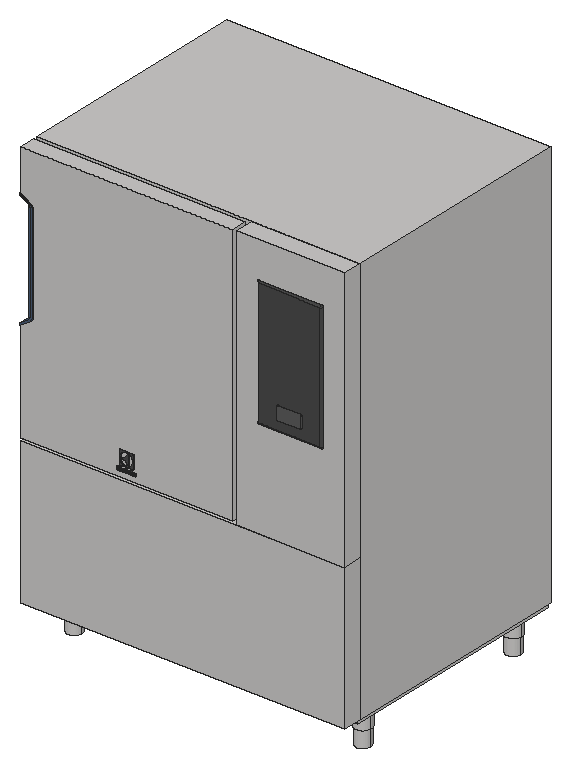
Revit family "QF_ELECTROLUXPROFESSIONAL_727908_EBFA12HE", category Specialty Equipment, Revit 2018
Family settings
  Round Connector Dimension = Use Diameter
  Part Type = Normal
  Work Plane-Based = No
  Always vertical = Yes
  Cut with Voids When Loaded = No
  Shared = No
  Room Calculation Point = No
Parameters
  Weight = 0.00 kg
  Watts = 0 W
  Volts = 380 V
  URL Manufacturer = "http://professional.electrolux.com"
  URL = "http://professional.electrolux.com"
  Steam Supply Size = 0 mm
  Steam Supply Minimum Pressure = 0.0 Pa
  Steam Supply Maximum Pressure = 0.0 Pa
  Steam Pounds per Hour = 0
  Show Logo [instance] = yes
  Show Clearance [instance] = yes
  Refrigeration Suction Line Size = 0 mm
  Refrigeration Liquid Line Size = 0 mm
  Refrigerant Compressor Remote = yes
  Manufacturer = "Electrolux"
  Phase = 3
  Model = "EBFA12HE"
  Length Actual = 1250 mm  # constant formula
  Item Number = "727908"
  Hot Water Size = 0 mm
  Height Actual = 1730 mm  # constant formula
  HP = "7.4 HP"
  Gas Size = 0 mm
  Gas KW = 0
  Gas Input Pressure = 0 W
  Direct Waste Size = 139.7 mm
  Description = "SKYLINE CHILLS BLAST CHILLER FREEZER 100/70KG 10 GN 2/1 - RIGHT HINDGED DOOR"
  Depth Actual = 1092 mm  # constant formula
  Cycle = 50 Hz
  Condensate Return Size = 0 mm
  Compressed Air Volume = 0.0 L/s
  Compressed Air Size = 0 mm
  Compressed Air Pressure = 0.0 Pa
  Cold Water Size = 0 mm
  Accessory = yes
Reference planes
  plane 1 "Center X": y = 205.851
  plane 2: z = 0
  plane 3 "Center Y": x = -311.5
  plane 4 "BACK": y = 703.851
  plane 5 "FRONT": y = -292.149
  plane 6: z = 130
  plane 7 "TOP": z = 1730
  plane 8: y = 608.851
  plane 9: y = 795.851
  plane 10: y = -1071.149
  plane 11 "RIGHT": x = 313.5
  plane 12 "LEFT": x = -936.5
  plane 13: x = -869.5
  plane 14: x = 246.5
  plane 15: y = -118.149
Forms (mm)
  Extrusion 1, solid, material "QF_Finishes_Stainless Steel"
    sketch origin (0, 0, 1730) x (-1, 0, 0) y (0, -1, 0)
      loop
        line (936.5, -703.851) -> (936.5, 216.149) -> (-313.5, 216.149) -> (-313.5, -703.851) -> (936.5, -703.851)
    from 0 to -1580
  Extrusion 2, solid, material "QF_Finishes_Stainless Steel"
    sketch origin (-645.92, -0.954, 258.709) x (0, 1, 0) y (0, 0, 1)
      loop
        line (704.805, 694.306) -> (704.805, 392.314) -> (789.5, 399.789)
        arc (789.5, 399.789) -> (794.702, 402.354) -> (796.805, 407.759) r 8
        line (796.805, 407.759) -> (796.805, 433.233)
        arc (796.805, 433.233) -> (792.783, 442.547) -> (796.805, 451.86) r 12.795
        line (796.805, 451.86) -> (796.805, 483.24)
        arc (796.805, 483.24) -> (792.783, 492.554) -> (796.805, 501.867) r 12.795
        line (796.805, 501.867) -> (796.805, 533.247)
        arc (796.805, 533.247) -> (792.783, 542.56) -> (796.805, 551.874) r 12.795
        line (796.805, 551.874) -> (796.805, 583.254)
        arc (796.805, 583.254) -> (792.783, 592.567) -> (796.805, 601.881) r 12.795
        line (796.805, 601.881) -> (796.805, 634.796)
        arc (796.805, 634.796) -> (795.466, 639.795) -> (791.808, 643.455) r 10
        line (791.808, 643.455) -> (704.805, 694.306)
    from 618.187 to 801.865
  Extrusion 3, solid, material "QF_Finishes_Stainless Steel"
    sketch origin (-261.647, 703.851, 2065) x (1, 0, 0) y (0, 0, -1)
      loop
        circle (482.147, 1472) r 10.5
    from 0 to 29
  Extrusion 4, solid, material "QF_Finishes_Stainless Steel"
    sketch origin (-1206.916, -1524, 130) x (-1, 0, 0) y (0, -1, 0)
      loop
        line (-270.416, -1231.851) -> (-1520.416, -1231.851) -> (-1520.416, -1306.851) -> (-270.416, -1306.851) -> (-270.416, -1231.851)
    from 580 to 20.02
  Extrusion 5, solid, material "QF_Finishes_Stainless Steel"
    sketch origin (-1206.916, -1524, 130) x (-1, 0, 0) y (0, -1, 0)
      loop
        line (-279.416, -2227.851) -> (-279.416, -1309.851) -> (-1511.416, -1309.851) -> (-1511.416, -2227.851) -> (-279.416, -2227.851)
    from 20 to 0
  Extrusion 6, solid, material "QF_Finishes_Stainless Steel"
    sketch origin (-1206.916, -1524, 130) x (0, -1, 0) y (-1, 0, 0)
      loop
        circle (-1739.851, -840.416) r 9.5
    from 0 to 31.68
  Extrusion 7, void
    sketch origin (114.08, 0, 1730) x (-1, 0, 0) y (0, -1, 0)
      loop
        line (132.09, -795.851) -> (141.813, -795.851) -> (141.813, -703.851) -> (140.183, -703.851) -> (132.09, -795.851)
      loop
        line (-40.234, -703.851) -> (-41.865, -703.851) -> (-41.865, -795.851) -> (-32.141, -795.851) -> (-40.234, -703.851)
    from -1080 to -770
  Extrusion 8, solid, material "QF_Finishes_Stainless Steel"
    sketch origin (-445.5, 0, 1060.038) x (1, 0, 0) y (0, 1, 0)
      loop
        line (759, -292.149) -> (759, -217.149) -> (342, -217.149) -> (342, -292.149) -> (759, -292.149)
    from 669.962 to -349
  Extrusion 9, void
    sketch origin (136, -219.149, 1731) x (1, 0, 0) y (0, 0, -1)
      loop
        line (-387.5, 75) -> (-387.5, 977) -> (-998.5, 977) -> (-998.5, 75) -> (-387.5, 75)
    from 0 to 705
  Extrusion 10, solid, material "QF_Finishes_Stainless Steel"
    sketch origin (-431.8, -292.149, 0) x (-1, 0, 0) y (0, 0, 1)
      loop
        line (504.7, 1730) -> (-313.5, 1730) -> (-313.5, 719.524) -> (504.7, 719.524) -> (504.7, 1112.756) -> (468.91, 1136.479)
        arc (468.91, 1136.479) -> (462.339, 1143.688) -> (459.96, 1153.149) r 20
        line (459.96, 1153.149) -> (459.96, 1528.062)
        arc (459.96, 1528.062) -> (462.216, 1537.041) -> (468.447, 1543.888) r 19
        line (468.447, 1543.888) -> (504.7, 1567.97) -> (504.7, 1730)
    from 0 to 60
  Extrusion 11, solid, material "QF_Door-Drawer Clearances", visible <- "Show Clearance", detail levels coarse
    sketch origin (-431.8, 0, 1060.038) x (-1, 0, 0) y (0, -1, 0)
      loop
        line (-260.5, 292.149) -> (504.7, 292.149)
        arc (504.7, 292.149) -> (276.158, 832.215) -> (-260.5, 1068.649) r 795
        line (-260.5, 1068.649) -> (-260.5, 292.149)
    from -340.514 to 669.962
  Extrusion 12, solid, material "QF_Finishes_Stainless Steel"
    sketch origin (-485.3, -232.149, 600.072) x (-1, 0, 0) y (0, 0, 1)
      loop
        arc (406.46, 553.076) -> (408.839, 543.616) -> (415.41, 536.406) r 20
        line (415.41, 536.406) -> (451.2, 512.683) -> (451.2, 967.898) -> (414.947, 943.816)
        arc (414.947, 943.816) -> (408.716, 936.969) -> (406.46, 927.989) r 19
        line (406.46, 927.989) -> (406.46, 553.076)
    from -21 to 0
  Extrusion 13, solid, material "QF_Finishes_Electrolux_Blue"
    sketch origin (-485.3, -292.149, 600.072) x (1, 0, 0) y (0, 0, 1)
      loop
        line (-451.2, 967.898) -> (-453.7, 967.898) -> (-453.7, 961.755) -> (-418.543, 938.401)
        arc (-418.543, 938.401) -> (-414.444, 933.897) -> (-412.96, 927.989) r 12.5
        line (-412.96, 927.989) -> (-412.96, 553.076)
        arc (-412.96, 553.076) -> (-414.566, 546.691) -> (-419.001, 541.824) r 13.5
        line (-419.001, 541.824) -> (-453.7, 518.824) -> (-453.7, 512.683) -> (-451.2, 512.683) -> (-415.41, 536.406)
        arc (-415.41, 536.406) -> (-408.839, 543.616) -> (-406.46, 553.076) r 20
        line (-406.46, 553.076) -> (-406.46, 927.989)
        arc (-406.46, 927.989) -> (-408.716, 936.969) -> (-414.947, 943.816) r 19
        line (-414.947, 943.816) -> (-451.2, 967.898)
    from -39 to 1
  Extrusion 14, solid, material "QF_Door-Drawer Clearances", visible <- "Show Clearance", detail levels coarse
    sketch origin (-111.3, -326.949, 0) x (0, -1, 0) y (0, 0, 1)
      loop
        line (741.7, 1730) -> (-34.8, 1730) -> (-34.8, 719.524) -> (741.7, 719.524) -> (741.7, 1112.756) -> (705.91, 1136.479)
        arc (705.91, 1136.479) -> (699.339, 1143.688) -> (696.96, 1153.149) r 20
        line (696.96, 1153.149) -> (696.96, 1528.062)
        arc (696.96, 1528.062) -> (699.216, 1537.041) -> (705.447, 1543.888) r 19
        line (705.447, 1543.888) -> (741.7, 1567.97) -> (741.7, 1730)
    from 0 to 60
  Extrusion 15, solid, material "QF_Door-Drawer Clearances", visible <- "Show Clearance", detail levels coarse
    sketch origin (-171.3, -380.449, 600.072) x (0, -1, 0) y (0, 0, 1)
      loop
        arc (643.46, 553.076) -> (645.839, 543.616) -> (652.41, 536.406) r 20
        line (652.41, 536.406) -> (688.2, 512.683) -> (688.2, 967.898) -> (651.947, 943.816)
        arc (651.947, 943.816) -> (645.716, 936.969) -> (643.46, 927.989) r 19
        line (643.46, 927.989) -> (643.46, 553.076)
    from -21 to 0
  Extrusion 16, solid, material "QF_Door-Drawer Clearances", visible <- "Show Clearance", detail levels coarse
    sketch origin (-111.3, -380.449, 600.072) x (0, 1, 0) y (0, 0, 1)
      loop
        line (-688.2, 967.898) -> (-690.7, 967.898) -> (-690.7, 961.755) -> (-655.543, 938.401)
        arc (-655.543, 938.401) -> (-651.444, 933.897) -> (-649.96, 927.989) r 12.5
        line (-649.96, 927.989) -> (-649.96, 553.076)
        arc (-649.96, 553.076) -> (-651.566, 546.691) -> (-656.001, 541.824) r 13.5
        line (-656.001, 541.824) -> (-690.7, 518.824) -> (-690.7, 512.683) -> (-688.2, 512.683) -> (-652.41, 536.406)
        arc (-652.41, 536.406) -> (-645.839, 543.616) -> (-643.46, 553.076) r 20
        line (-643.46, 553.076) -> (-643.46, 927.989)
        arc (-643.46, 927.989) -> (-645.716, 936.969) -> (-651.947, 943.816) r 19
        line (-651.947, 943.816) -> (-688.2, 967.898)
    from -39 to 1
Cuts and joins
  Extrusion 9 cuts Extrusion 1
  Extrusion 7, Extrusion 9 cuts Extrusion 2
  Extrusion 9 cuts Extrusion 3
  Extrusion 9 cuts Extrusion 5
  Extrusion 9 cuts Extrusion 6
  joined: Extrusion 1, Extrusion 2, Extrusion 3, Extrusion 5, Extrusion 6
  joined: Extrusion 10, Extrusion 12
  joined: Extrusion 11, Extrusion 14, Extrusion 15, Extrusion 16
Lines and regions (mm)
  Split face 1
    outline origin (775.107, -292.149, -365.12) x (-1, 0, 0) y (0, 0, -1)
      loop
        line (491.638, -548.639) -> (601.654, -548.639) -> (601.654, -543.665) -> (491.638, -543.665) -> (491.638, -548.639)
  Split face 2
    outline origin (775.107, -292.149, -355.62) x (-1, 0, 0) y (0, 0, -1)
      loop
        line (491.638, -548.639) -> (601.654, -548.639) -> (601.654, -543.665) -> (491.638, -543.665) -> (491.638, -548.639)
  Split face 3
    outline origin (775.107, -292.149, -346.12) x (-1, 0, 0) y (0, 0, -1)
      loop
        line (491.638, -548.639) -> (601.654, -548.639) -> (601.654, -543.665) -> (491.638, -543.665) -> (491.638, -548.639)
  Split face 4
    outline origin (775.107, -292.149, -336.62) x (-1, 0, 0) y (0, 0, -1)
      loop
        line (491.638, -548.639) -> (601.654, -548.639) -> (601.654, -543.665) -> (491.638, -543.665) -> (491.638, -548.639)
  Split face 5
    outline origin (775.107, -292.149, -327.12) x (-1, 0, 0) y (0, 0, -1)
      loop
        line (491.638, -548.639) -> (601.654, -548.639) -> (601.654, -543.665) -> (491.638, -543.665) -> (491.638, -548.639)
  Split face 6
    outline origin (775.107, -292.149, -317.619) x (-1, 0, 0) y (0, 0, -1)
      loop
        line (491.638, -548.639) -> (601.654, -548.639) -> (601.654, -543.665) -> (491.638, -543.665) -> (491.638, -548.639)
  Split face 7
    outline origin (775.107, -292.149, -308.119) x (-1, 0, 0) y (0, 0, -1)
      loop
        line (491.638, -548.639) -> (601.654, -548.639) -> (601.654, -543.665) -> (491.638, -543.665) -> (491.638, -548.639)
  Split face 8
    outline origin (775.107, -292.149, -298.619) x (-1, 0, 0) y (0, 0, -1)
      loop
        line (491.638, -548.639) -> (601.654, -548.639) -> (601.654, -543.665) -> (491.638, -543.665) -> (491.638, -548.639)
  Split face 9
    outline origin (775.107, -292.149, -289.119) x (-1, 0, 0) y (0, 0, -1)
      loop
        line (491.638, -548.639) -> (601.654, -548.639) -> (601.654, -543.665) -> (491.638, -543.665) -> (491.638, -548.639)
  Split face 10
    outline origin (775.107, -292.149, -279.619) x (-1, 0, 0) y (0, 0, -1)
      loop
        line (491.638, -548.639) -> (601.654, -548.639) -> (601.654, -543.665) -> (491.638, -543.665) -> (491.638, -548.639)
  Split face 11
    outline origin (775.107, -292.149, -270.119) x (-1, 0, 0) y (0, 0, -1)
      loop
        line (491.638, -548.639) -> (601.654, -548.639) -> (601.654, -543.665) -> (491.638, -543.665) -> (491.638, -548.639)
  Split face 12
    outline origin (775.107, -292.149, -260.619) x (-1, 0, 0) y (0, 0, -1)
      loop
        line (491.638, -548.639) -> (601.654, -548.639) -> (601.654, -543.665) -> (491.638, -543.665) -> (491.638, -548.639)
  Split face 13
    outline origin (775.107, -292.149, -251.119) x (-1, 0, 0) y (0, 0, -1)
      loop
        line (491.638, -548.639) -> (601.654, -548.639) -> (601.654, -543.665) -> (491.638, -543.665) -> (491.638, -548.639)
  Split face 14
    outline origin (775.107, -292.149, -241.619) x (-1, 0, 0) y (0, 0, -1)
      loop
        line (491.638, -548.639) -> (601.654, -548.639) -> (601.654, -543.665) -> (491.638, -543.665) -> (491.638, -548.639)
  Split face 15
    outline origin (775.107, -292.149, -232.119) x (-1, 0, 0) y (0, 0, -1)
      loop
        line (491.638, -548.639) -> (601.654, -548.639) -> (601.654, -543.665) -> (491.638, -543.665) -> (491.638, -548.639)
  Split face 16
    outline origin (775.107, -292.149, -222.619) x (-1, 0, 0) y (0, 0, -1)
      loop
        line (491.638, -548.639) -> (601.654, -548.639) -> (601.654, -543.665) -> (491.638, -543.665) -> (491.638, -548.639)
  Split face 17
    outline origin (775.107, -292.149, -213.119) x (-1, 0, 0) y (0, 0, -1)
      loop
        line (491.638, -548.639) -> (601.654, -548.639) -> (601.654, -543.665) -> (491.638, -543.665) -> (491.638, -548.639)
  Split face 18
    outline origin (775.107, -292.149, -203.619) x (-1, 0, 0) y (0, 0, -1)
      loop
        line (491.638, -548.639) -> (601.654, -548.639) -> (601.654, -543.665) -> (491.638, -543.665) -> (491.638, -548.639)
  Split face 19
    outline origin (775.107, -292.149, -194.118) x (-1, 0, 0) y (0, 0, -1)
      loop
        line (491.638, -548.639) -> (601.654, -548.639) -> (601.654, -543.665) -> (491.638, -543.665) -> (491.638, -548.639)
  Split face 20
    outline origin (775.107, -292.149, -184.618) x (-1, 0, 0) y (0, 0, -1)
      loop
        line (491.638, -548.639) -> (601.654, -548.639) -> (601.654, -543.665) -> (491.638, -543.665) -> (491.638, -548.639)
  Split face 21
    outline origin (775.107, -292.149, -175.118) x (-1, 0, 0) y (0, 0, -1)
      loop
        line (491.638, -548.639) -> (601.654, -548.639) -> (601.654, -543.665) -> (491.638, -543.665) -> (491.638, -548.639)
  Split face 22
    outline origin (775.107, -292.149, -165.618) x (-1, 0, 0) y (0, 0, -1)
      loop
        line (491.638, -548.639) -> (601.654, -548.639) -> (601.654, -543.665) -> (491.638, -543.665) -> (491.638, -548.639)
  Split face 23
    outline origin (775.107, -292.149, -156.118) x (-1, 0, 0) y (0, 0, -1)
      loop
        line (491.638, -548.639) -> (601.654, -548.639) -> (601.654, -543.665) -> (491.638, -543.665) -> (491.638, -548.639)
  Split face 24
    outline origin (775.107, -292.149, -146.618) x (-1, 0, 0) y (0, 0, -1)
      loop
        line (491.638, -548.639) -> (601.654, -548.639) -> (601.654, -543.665) -> (491.638, -543.665) -> (491.638, -548.639)
  Split face 25
    outline origin (775.107, -292.149, -137.118) x (-1, 0, 0) y (0, 0, -1)
      loop
        line (491.638, -548.639) -> (601.654, -548.639) -> (601.654, -543.665) -> (491.638, -543.665) -> (491.638, -548.639)
  Split face 26
    outline origin (775.107, -292.149, -127.618) x (-1, 0, 0) y (0, 0, -1)
      loop
        line (491.638, -548.639) -> (601.654, -548.639) -> (601.654, -543.665) -> (491.638, -543.665) -> (491.638, -548.639)
  Split face 27
    outline origin (775.107, -292.149, -118.118) x (-1, 0, 0) y (0, 0, -1)
      loop
        line (491.638, -548.639) -> (601.654, -548.639) -> (601.654, -543.665) -> (491.638, -543.665) -> (491.638, -548.639)
  Split face 28
    outline origin (775.107, -292.149, -108.618) x (-1, 0, 0) y (0, 0, -1)
      loop
        line (491.638, -548.639) -> (601.654, -548.639) -> (601.654, -543.665) -> (491.638, -543.665) -> (491.638, -548.639)
  Split face 29
    outline origin (775.107, -292.149, -99.118) x (-1, 0, 0) y (0, 0, -1)
      loop
        line (491.638, -548.639) -> (601.654, -548.639) -> (601.654, -543.665) -> (491.638, -543.665) -> (491.638, -548.639)
  Split face 30
    outline origin (775.107, -292.149, -89.618) x (-1, 0, 0) y (0, 0, -1)
      loop
        line (491.638, -548.639) -> (601.654, -548.639) -> (601.654, -543.665) -> (491.638, -543.665) -> (491.638, -548.639)
  Split face 31
    outline origin (775.107, -292.149, -80.117) x (-1, 0, 0) y (0, 0, -1)
      loop
        line (491.638, -548.639) -> (601.654, -548.639) -> (601.654, -543.665) -> (491.638, -543.665) -> (491.638, -548.639)
  Split face 32
    outline origin (775.107, -292.149, -70.617) x (-1, 0, 0) y (0, 0, -1)
      loop
        line (491.638, -548.639) -> (601.654, -548.639) -> (601.654, -543.665) -> (491.638, -543.665) -> (491.638, -548.639)
  Split face 33
    outline origin (775.107, -292.149, -61.117) x (-1, 0, 0) y (0, 0, -1)
      loop
        line (491.638, -548.639) -> (601.654, -548.639) -> (601.654, -543.665) -> (491.638, -543.665) -> (491.638, -548.639)
  Split face 34
    outline origin (775.107, -292.149, -51.617) x (-1, 0, 0) y (0, 0, -1)
      loop
        line (491.638, -548.639) -> (601.654, -548.639) -> (601.654, -543.665) -> (491.638, -543.665) -> (491.638, -548.639)
  Split face 35
    outline origin (775.107, -292.149, -42.117) x (-1, 0, 0) y (0, 0, -1)
      loop
        line (491.638, -548.639) -> (601.654, -548.639) -> (601.654, -543.665) -> (491.638, -543.665) -> (491.638, -548.639)
  Split face 36
    outline origin (775.107, -292.149, -32.617) x (-1, 0, 0) y (0, 0, -1)
      loop
        line (491.638, -548.639) -> (601.654, -548.639) -> (601.654, -543.665) -> (491.638, -543.665) -> (491.638, -548.639)
  Split face 37
    outline origin (775.107, -292.149, -23.117) x (-1, 0, 0) y (0, 0, -1)
      loop
        line (491.638, -548.639) -> (601.654, -548.639) -> (601.654, -543.665) -> (491.638, -543.665) -> (491.638, -548.639)
  Split face 38
    outline origin (775.107, -292.149, -13.617) x (-1, 0, 0) y (0, 0, -1)
      loop
        line (491.638, -548.639) -> (601.654, -548.639) -> (601.654, -543.665) -> (491.638, -543.665) -> (491.638, -548.639)
  Split face 39
    outline origin (775.107, -292.149, -4.117) x (-1, 0, 0) y (0, 0, -1)
      loop
        line (491.638, -548.639) -> (601.654, -548.639) -> (601.654, -543.665) -> (491.638, -543.665) -> (491.638, -548.639)
  Split face 40
    outline origin (775.107, -292.149, 5.383) x (-1, 0, 0) y (0, 0, -1)
      loop
        line (491.638, -548.639) -> (601.654, -548.639) -> (601.654, -543.665) -> (491.638, -543.665) -> (491.638, -548.639)
  Split face 41
    outline origin (775.107, -292.149, 14.883) x (-1, 0, 0) y (0, 0, -1)
      loop
        line (491.638, -548.639) -> (601.654, -548.639) -> (601.654, -543.665) -> (491.638, -543.665) -> (491.638, -548.639)
  Split face 42
    outline origin (655.115, -292.149, -365.12) x (-1, 0, 0) y (0, 0, -1)
      loop
        line (491.638, -548.639) -> (601.654, -548.639) -> (601.654, -543.665) -> (491.638, -543.665) -> (491.638, -548.639)
  Split face 43
    outline origin (655.115, -292.149, -355.62) x (-1, 0, 0) y (0, 0, -1)
      loop
        line (491.638, -548.639) -> (601.654, -548.639) -> (601.654, -543.665) -> (491.638, -543.665) -> (491.638, -548.639)
  Split face 44
    outline origin (655.115, -292.149, -346.12) x (-1, 0, 0) y (0, 0, -1)
      loop
        line (491.638, -548.639) -> (601.654, -548.639) -> (601.654, -543.665) -> (491.638, -543.665) -> (491.638, -548.639)
  Split face 45
    outline origin (655.115, -292.149, -336.62) x (-1, 0, 0) y (0, 0, -1)
      loop
        line (491.638, -548.639) -> (601.654, -548.639) -> (601.654, -543.665) -> (491.638, -543.665) -> (491.638, -548.639)
  Split face 46
    outline origin (655.115, -292.149, -327.12) x (-1, 0, 0) y (0, 0, -1)
      loop
        line (491.638, -548.639) -> (601.654, -548.639) -> (601.654, -543.665) -> (491.638, -543.665) -> (491.638, -548.639)
  Split face 47
    outline origin (655.115, -292.149, -317.619) x (-1, 0, 0) y (0, 0, -1)
      loop
        line (491.638, -548.639) -> (601.654, -548.639) -> (601.654, -543.665) -> (491.638, -543.665) -> (491.638, -548.639)
  Split face 48
    outline origin (655.115, -292.149, -308.119) x (-1, 0, 0) y (0, 0, -1)
      loop
        line (491.638, -548.639) -> (601.654, -548.639) -> (601.654, -543.665) -> (491.638, -543.665) -> (491.638, -548.639)
  Split face 49
    outline origin (655.115, -292.149, -298.619) x (-1, 0, 0) y (0, 0, -1)
      loop
        line (491.638, -548.639) -> (601.654, -548.639) -> (601.654, -543.665) -> (491.638, -543.665) -> (491.638, -548.639)
  Split face 50
    outline origin (655.115, -292.149, -289.119) x (-1, 0, 0) y (0, 0, -1)
      loop
        line (491.638, -548.639) -> (601.654, -548.639) -> (601.654, -543.665) -> (491.638, -543.665) -> (491.638, -548.639)
  Split face 51
    outline origin (655.115, -292.149, -279.619) x (-1, 0, 0) y (0, 0, -1)
      loop
        line (491.638, -548.639) -> (601.654, -548.639) -> (601.654, -543.665) -> (491.638, -543.665) -> (491.638, -548.639)
  Split face 52
    outline origin (655.115, -292.149, -270.119) x (-1, 0, 0) y (0, 0, -1)
      loop
        line (491.638, -548.639) -> (601.654, -548.639) -> (601.654, -543.665) -> (491.638, -543.665) -> (491.638, -548.639)
  Split face 53
    outline origin (655.115, -292.149, -260.619) x (-1, 0, 0) y (0, 0, -1)
      loop
        line (491.638, -548.639) -> (601.654, -548.639) -> (601.654, -543.665) -> (491.638, -543.665) -> (491.638, -548.639)
  Split face 54
    outline origin (655.115, -292.149, -251.119) x (-1, 0, 0) y (0, 0, -1)
      loop
        line (491.638, -548.639) -> (601.654, -548.639) -> (601.654, -543.665) -> (491.638, -543.665) -> (491.638, -548.639)
  Split face 55
    outline origin (655.115, -292.149, -241.619) x (-1, 0, 0) y (0, 0, -1)
      loop
        line (491.638, -548.639) -> (601.654, -548.639) -> (601.654, -543.665) -> (491.638, -543.665) -> (491.638, -548.639)
  Split face 56
    outline origin (655.115, -292.149, -232.119) x (-1, 0, 0) y (0, 0, -1)
      loop
        line (491.638, -548.639) -> (601.654, -548.639) -> (601.654, -543.665) -> (491.638, -543.665) -> (491.638, -548.639)
  Split face 57
    outline origin (655.115, -292.149, -222.619) x (-1, 0, 0) y (0, 0, -1)
      loop
        line (491.638, -548.639) -> (601.654, -548.639) -> (601.654, -543.665) -> (491.638, -543.665) -> (491.638, -548.639)
  Split face 58
    outline origin (655.115, -292.149, -213.119) x (-1, 0, 0) y (0, 0, -1)
      loop
        line (491.638, -548.639) -> (601.654, -548.639) -> (601.654, -543.665) -> (491.638, -543.665) -> (491.638, -548.639)
  Split face 59
    outline origin (655.115, -292.149, -203.619) x (-1, 0, 0) y (0, 0, -1)
      loop
        line (491.638, -548.639) -> (601.654, -548.639) -> (601.654, -543.665) -> (491.638, -543.665) -> (491.638, -548.639)
  Split face 60
    outline origin (655.115, -292.149, -194.118) x (-1, 0, 0) y (0, 0, -1)
      loop
        line (491.638, -548.639) -> (601.654, -548.639) -> (601.654, -543.665) -> (491.638, -543.665) -> (491.638, -548.639)
  Split face 61
    outline origin (655.115, -292.149, -184.618) x (-1, 0, 0) y (0, 0, -1)
      loop
        line (491.638, -548.639) -> (601.654, -548.639) -> (601.654, -543.665) -> (491.638, -543.665) -> (491.638, -548.639)
  Split face 62
    outline origin (655.115, -292.149, -175.118) x (-1, 0, 0) y (0, 0, -1)
      loop
        line (491.638, -548.639) -> (601.654, -548.639) -> (601.654, -543.665) -> (491.638, -543.665) -> (491.638, -548.639)
  Split face 63
    outline origin (655.115, -292.149, -165.618) x (-1, 0, 0) y (0, 0, -1)
      loop
        line (491.638, -548.639) -> (601.654, -548.639) -> (601.654, -543.665) -> (491.638, -543.665) -> (491.638, -548.639)
  Split face 64
    outline origin (655.115, -292.149, -156.118) x (-1, 0, 0) y (0, 0, -1)
      loop
        line (491.638, -548.639) -> (601.654, -548.639) -> (601.654, -543.665) -> (491.638, -543.665) -> (491.638, -548.639)
  Split face 65
    outline origin (655.115, -292.149, -146.618) x (-1, 0, 0) y (0, 0, -1)
      loop
        line (491.638, -548.639) -> (601.654, -548.639) -> (601.654, -543.665) -> (491.638, -543.665) -> (491.638, -548.639)
  Split face 66
    outline origin (655.115, -292.149, -137.118) x (-1, 0, 0) y (0, 0, -1)
      loop
        line (491.638, -548.639) -> (601.654, -548.639) -> (601.654, -543.665) -> (491.638, -543.665) -> (491.638, -548.639)
  Split face 67
    outline origin (655.115, -292.149, -127.618) x (-1, 0, 0) y (0, 0, -1)
      loop
        line (491.638, -548.639) -> (601.654, -548.639) -> (601.654, -543.665) -> (491.638, -543.665) -> (491.638, -548.639)
  Split face 68
    outline origin (655.115, -292.149, -118.118) x (-1, 0, 0) y (0, 0, -1)
      loop
        line (491.638, -548.639) -> (601.654, -548.639) -> (601.654, -543.665) -> (491.638, -543.665) -> (491.638, -548.639)
  Split face 69
    outline origin (655.115, -292.149, -108.618) x (-1, 0, 0) y (0, 0, -1)
      loop
        line (491.638, -548.639) -> (601.654, -548.639) -> (601.654, -543.665) -> (491.638, -543.665) -> (491.638, -548.639)
  Split face 70
    outline origin (655.115, -292.149, -99.118) x (-1, 0, 0) y (0, 0, -1)
      loop
        line (491.638, -548.639) -> (601.654, -548.639) -> (601.654, -543.665) -> (491.638, -543.665) -> (491.638, -548.639)
  Split face 71
    outline origin (655.115, -292.149, -89.618) x (-1, 0, 0) y (0, 0, -1)
      loop
        line (491.638, -548.639) -> (601.654, -548.639) -> (601.654, -543.665) -> (491.638, -543.665) -> (491.638, -548.639)
  Split face 72
    outline origin (655.115, -292.149, -80.117) x (-1, 0, 0) y (0, 0, -1)
      loop
        line (491.638, -548.639) -> (601.654, -548.639) -> (601.654, -543.665) -> (491.638, -543.665) -> (491.638, -548.639)
  Split face 73
    outline origin (655.115, -292.149, -70.617) x (-1, 0, 0) y (0, 0, -1)
      loop
        line (491.638, -548.639) -> (601.654, -548.639) -> (601.654, -543.665) -> (491.638, -543.665) -> (491.638, -548.639)
  Split face 74
    outline origin (655.115, -292.149, -61.117) x (-1, 0, 0) y (0, 0, -1)
      loop
        line (491.638, -548.639) -> (601.654, -548.639) -> (601.654, -543.665) -> (491.638, -543.665) -> (491.638, -548.639)
  Split face 75
    outline origin (655.115, -292.149, -51.617) x (-1, 0, 0) y (0, 0, -1)
      loop
        line (491.638, -548.639) -> (601.654, -548.639) -> (601.654, -543.665) -> (491.638, -543.665) -> (491.638, -548.639)
  Split face 76
    outline origin (655.115, -292.149, -42.117) x (-1, 0, 0) y (0, 0, -1)
      loop
        line (491.638, -548.639) -> (601.654, -548.639) -> (601.654, -543.665) -> (491.638, -543.665) -> (491.638, -548.639)
  Split face 77
    outline origin (655.115, -292.149, -32.617) x (-1, 0, 0) y (0, 0, -1)
      loop
        line (491.638, -548.639) -> (601.654, -548.639) -> (601.654, -543.665) -> (491.638, -543.665) -> (491.638, -548.639)
  Split face 78
    outline origin (655.115, -292.149, -23.117) x (-1, 0, 0) y (0, 0, -1)
      loop
        line (491.638, -548.639) -> (601.654, -548.639) -> (601.654, -543.665) -> (491.638, -543.665) -> (491.638, -548.639)
  Split face 79
    outline origin (655.115, -292.149, -13.617) x (-1, 0, 0) y (0, 0, -1)
      loop
        line (491.638, -548.639) -> (601.654, -548.639) -> (601.654, -543.665) -> (491.638, -543.665) -> (491.638, -548.639)
  Split face 80
    outline origin (655.115, -292.149, -4.117) x (-1, 0, 0) y (0, 0, -1)
      loop
        line (491.638, -548.639) -> (601.654, -548.639) -> (601.654, -543.665) -> (491.638, -543.665) -> (491.638, -548.639)
  Split face 81
    outline origin (655.115, -292.149, 5.383) x (-1, 0, 0) y (0, 0, -1)
      loop
        line (491.638, -548.639) -> (601.654, -548.639) -> (601.654, -543.665) -> (491.638, -543.665) -> (491.638, -548.639)
  Split face 82
    outline origin (655.115, -292.149, 14.883) x (-1, 0, 0) y (0, 0, -1)
      loop
        line (491.638, -548.639) -> (601.654, -548.639) -> (601.654, -543.665) -> (491.638, -543.665) -> (491.638, -548.639)
  Split face 83
    outline origin (535.124, -292.149, -365.12) x (-1, 0, 0) y (0, 0, -1)
      loop
        line (491.638, -548.639) -> (601.654, -548.639) -> (601.654, -543.665) -> (491.638, -543.665) -> (491.638, -548.639)
  Split face 84
    outline origin (535.124, -292.149, -355.62) x (-1, 0, 0) y (0, 0, -1)
      loop
        line (491.638, -548.639) -> (601.654, -548.639) -> (601.654, -543.665) -> (491.638, -543.665) -> (491.638, -548.639)
  Split face 85
    outline origin (535.124, -292.149, -346.12) x (-1, 0, 0) y (0, 0, -1)
      loop
        line (491.638, -548.639) -> (601.654, -548.639) -> (601.654, -543.665) -> (491.638, -543.665) -> (491.638, -548.639)
  Split face 86
    outline origin (535.124, -292.149, -336.62) x (-1, 0, 0) y (0, 0, -1)
      loop
        line (491.638, -548.639) -> (601.654, -548.639) -> (601.654, -543.665) -> (491.638, -543.665) -> (491.638, -548.639)
  Split face 87
    outline origin (535.124, -292.149, -327.12) x (-1, 0, 0) y (0, 0, -1)
      loop
        line (491.638, -548.639) -> (601.654, -548.639) -> (601.654, -543.665) -> (491.638, -543.665) -> (491.638, -548.639)
  Split face 88
    outline origin (535.124, -292.149, -317.619) x (-1, 0, 0) y (0, 0, -1)
      loop
        line (491.638, -548.639) -> (601.654, -548.639) -> (601.654, -543.665) -> (491.638, -543.665) -> (491.638, -548.639)
  Split face 89
    outline origin (535.124, -292.149, -308.119) x (-1, 0, 0) y (0, 0, -1)
      loop
        line (491.638, -548.639) -> (601.654, -548.639) -> (601.654, -543.665) -> (491.638, -543.665) -> (491.638, -548.639)
  Split face 90
    outline origin (535.124, -292.149, -298.619) x (-1, 0, 0) y (0, 0, -1)
      loop
        line (491.638, -548.639) -> (601.654, -548.639) -> (601.654, -543.665) -> (491.638, -543.665) -> (491.638, -548.639)
  Split face 91
    outline origin (535.124, -292.149, -289.119) x (-1, 0, 0) y (0, 0, -1)
      loop
        line (491.638, -548.639) -> (601.654, -548.639) -> (601.654, -543.665) -> (491.638, -543.665) -> (491.638, -548.639)
  Split face 92
    outline origin (535.124, -292.149, -279.619) x (-1, 0, 0) y (0, 0, -1)
      loop
        line (491.638, -548.639) -> (601.654, -548.639) -> (601.654, -543.665) -> (491.638, -543.665) -> (491.638, -548.639)
  Split face 93
    outline origin (535.124, -292.149, -270.119) x (-1, 0, 0) y (0, 0, -1)
      loop
        line (491.638, -548.639) -> (601.654, -548.639) -> (601.654, -543.665) -> (491.638, -543.665) -> (491.638, -548.639)
  Split face 94
    outline origin (535.124, -292.149, -260.619) x (-1, 0, 0) y (0, 0, -1)
      loop
        line (491.638, -548.639) -> (601.654, -548.639) -> (601.654, -543.665) -> (491.638, -543.665) -> (491.638, -548.639)
  Split face 95
    outline origin (535.124, -292.149, -251.119) x (-1, 0, 0) y (0, 0, -1)
      loop
        line (491.638, -548.639) -> (601.654, -548.639) -> (601.654, -543.665) -> (491.638, -543.665) -> (491.638, -548.639)
  Split face 96
    outline origin (535.124, -292.149, -241.619) x (-1, 0, 0) y (0, 0, -1)
      loop
        line (491.638, -548.639) -> (601.654, -548.639) -> (601.654, -543.665) -> (491.638, -543.665) -> (491.638, -548.639)
  Split face 97
    outline origin (535.124, -292.149, -232.119) x (-1, 0, 0) y (0, 0, -1)
      loop
        line (491.638, -548.639) -> (601.654, -548.639) -> (601.654, -543.665) -> (491.638, -543.665) -> (491.638, -548.639)
  Split face 98
    outline origin (535.124, -292.149, -222.619) x (-1, 0, 0) y (0, 0, -1)
      loop
        line (491.638, -548.639) -> (601.654, -548.639) -> (601.654, -543.665) -> (491.638, -543.665) -> (491.638, -548.639)
  Split face 99
    outline origin (535.124, -292.149, -213.119) x (-1, 0, 0) y (0, 0, -1)
      loop
        line (491.638, -548.639) -> (601.654, -548.639) -> (601.654, -543.665) -> (491.638, -543.665) -> (491.638, -548.639)
  Split face 100
    outline origin (535.124, -292.149, -203.619) x (-1, 0, 0) y (0, 0, -1)
      loop
        line (491.638, -548.639) -> (601.654, -548.639) -> (601.654, -543.665) -> (491.638, -543.665) -> (491.638, -548.639)
  Split face 101
    outline origin (535.124, -292.149, -194.118) x (-1, 0, 0) y (0, 0, -1)
      loop
        line (491.638, -548.639) -> (601.654, -548.639) -> (601.654, -543.665) -> (491.638, -543.665) -> (491.638, -548.639)
  Split face 102
    outline origin (535.124, -292.149, -184.618) x (-1, 0, 0) y (0, 0, -1)
      loop
        line (491.638, -548.639) -> (601.654, -548.639) -> (601.654, -543.665) -> (491.638, -543.665) -> (491.638, -548.639)
  Split face 103
    outline origin (535.124, -292.149, -175.118) x (-1, 0, 0) y (0, 0, -1)
      loop
        line (491.638, -548.639) -> (601.654, -548.639) -> (601.654, -543.665) -> (491.638, -543.665) -> (491.638, -548.639)
  Split face 104
    outline origin (535.124, -292.149, -165.618) x (-1, 0, 0) y (0, 0, -1)
      loop
        line (491.638, -548.639) -> (601.654, -548.639) -> (601.654, -543.665) -> (491.638, -543.665) -> (491.638, -548.639)
  Split face 105
    outline origin (535.124, -292.149, -156.118) x (-1, 0, 0) y (0, 0, -1)
      loop
        line (491.638, -548.639) -> (601.654, -548.639) -> (601.654, -543.665) -> (491.638, -543.665) -> (491.638, -548.639)
  Split face 106
    outline origin (535.124, -292.149, -146.618) x (-1, 0, 0) y (0, 0, -1)
      loop
        line (491.638, -548.639) -> (601.654, -548.639) -> (601.654, -543.665) -> (491.638, -543.665) -> (491.638, -548.639)
  Split face 107
    outline origin (535.124, -292.149, -137.118) x (-1, 0, 0) y (0, 0, -1)
      loop
        line (491.638, -548.639) -> (601.654, -548.639) -> (601.654, -543.665) -> (491.638, -543.665) -> (491.638, -548.639)
  Split face 108
    outline origin (535.124, -292.149, -127.618) x (-1, 0, 0) y (0, 0, -1)
      loop
        line (491.638, -548.639) -> (601.654, -548.639) -> (601.654, -543.665) -> (491.638, -543.665) -> (491.638, -548.639)
  Split face 109
    outline origin (535.124, -292.149, -118.118) x (-1, 0, 0) y (0, 0, -1)
      loop
        line (491.638, -548.639) -> (601.654, -548.639) -> (601.654, -543.665) -> (491.638, -543.665) -> (491.638, -548.639)
  Split face 110
    outline origin (535.124, -292.149, -108.618) x (-1, 0, 0) y (0, 0, -1)
      loop
        line (491.638, -548.639) -> (601.654, -548.639) -> (601.654, -543.665) -> (491.638, -543.665) -> (491.638, -548.639)
  Split face 111
    outline origin (535.124, -292.149, -99.118) x (-1, 0, 0) y (0, 0, -1)
      loop
        line (491.638, -548.639) -> (601.654, -548.639) -> (601.654, -543.665) -> (491.638, -543.665) -> (491.638, -548.639)
  Split face 112
    outline origin (535.124, -292.149, -89.618) x (-1, 0, 0) y (0, 0, -1)
      loop
        line (491.638, -548.639) -> (601.654, -548.639) -> (601.654, -543.665) -> (491.638, -543.665) -> (491.638, -548.639)
  Split face 113
    outline origin (535.124, -292.149, -80.117) x (-1, 0, 0) y (0, 0, -1)
      loop
        line (491.638, -548.639) -> (601.654, -548.639) -> (601.654, -543.665) -> (491.638, -543.665) -> (491.638, -548.639)
  Split face 114
    outline origin (535.124, -292.149, -70.617) x (-1, 0, 0) y (0, 0, -1)
      loop
        line (491.638, -548.639) -> (601.654, -548.639) -> (601.654, -543.665) -> (491.638, -543.665) -> (491.638, -548.639)
  Split face 115
    outline origin (535.124, -292.149, -61.117) x (-1, 0, 0) y (0, 0, -1)
      loop
        line (491.638, -548.639) -> (601.654, -548.639) -> (601.654, -543.665) -> (491.638, -543.665) -> (491.638, -548.639)
  Split face 116
    outline origin (535.124, -292.149, -51.617) x (-1, 0, 0) y (0, 0, -1)
      loop
        line (491.638, -548.639) -> (601.654, -548.639) -> (601.654, -543.665) -> (491.638, -543.665) -> (491.638, -548.639)
  Split face 117
    outline origin (535.124, -292.149, -42.117) x (-1, 0, 0) y (0, 0, -1)
      loop
        line (491.638, -548.639) -> (601.654, -548.639) -> (601.654, -543.665) -> (491.638, -543.665) -> (491.638, -548.639)
  Split face 118
    outline origin (535.124, -292.149, -32.617) x (-1, 0, 0) y (0, 0, -1)
      loop
        line (491.638, -548.639) -> (601.654, -548.639) -> (601.654, -543.665) -> (491.638, -543.665) -> (491.638, -548.639)
  Split face 119
    outline origin (535.124, -292.149, -23.117) x (-1, 0, 0) y (0, 0, -1)
      loop
        line (491.638, -548.639) -> (601.654, -548.639) -> (601.654, -543.665) -> (491.638, -543.665) -> (491.638, -548.639)
  Split face 120
    outline origin (535.124, -292.149, -13.617) x (-1, 0, 0) y (0, 0, -1)
      loop
        line (491.638, -548.639) -> (601.654, -548.639) -> (601.654, -543.665) -> (491.638, -543.665) -> (491.638, -548.639)
  Split face 121
    outline origin (535.124, -292.149, -4.117) x (-1, 0, 0) y (0, 0, -1)
      loop
        line (491.638, -548.639) -> (601.654, -548.639) -> (601.654, -543.665) -> (491.638, -543.665) -> (491.638, -548.639)
  Split face 122
    outline origin (535.124, -292.149, 5.383) x (-1, 0, 0) y (0, 0, -1)
      loop
        line (491.638, -548.639) -> (601.654, -548.639) -> (601.654, -543.665) -> (491.638, -543.665) -> (491.638, -548.639)
  Split face 123
    outline origin (535.124, -292.149, 14.883) x (-1, 0, 0) y (0, 0, -1)
      loop
        line (491.638, -548.639) -> (601.654, -548.639) -> (601.654, -543.665) -> (491.638, -543.665) -> (491.638, -548.639)
  Split face 124
    outline origin (415.133, -292.149, -365.12) x (-1, 0, 0) y (0, 0, -1)
      loop
        line (491.638, -548.639) -> (601.654, -548.639) -> (601.654, -543.665) -> (491.638, -543.665) -> (491.638, -548.639)
  Split face 125
    outline origin (415.133, -292.149, -355.62) x (-1, 0, 0) y (0, 0, -1)
      loop
        line (491.638, -548.639) -> (601.654, -548.639) -> (601.654, -543.665) -> (491.638, -543.665) -> (491.638, -548.639)
  Split face 126
    outline origin (415.133, -292.149, -346.12) x (-1, 0, 0) y (0, 0, -1)
      loop
        line (491.638, -548.639) -> (601.654, -548.639) -> (601.654, -543.665) -> (491.638, -543.665) -> (491.638, -548.639)
  Split face 127
    outline origin (415.133, -292.149, -336.62) x (-1, 0, 0) y (0, 0, -1)
      loop
        line (491.638, -548.639) -> (601.654, -548.639) -> (601.654, -543.665) -> (491.638, -543.665) -> (491.638, -548.639)
  Split face 128
    outline origin (415.133, -292.149, -327.12) x (-1, 0, 0) y (0, 0, -1)
      loop
        line (491.638, -548.639) -> (601.654, -548.639) -> (601.654, -543.665) -> (491.638, -543.665) -> (491.638, -548.639)
  Split face 129
    outline origin (415.133, -292.149, -317.619) x (-1, 0, 0) y (0, 0, -1)
      loop
        line (491.638, -548.639) -> (601.654, -548.639) -> (601.654, -543.665) -> (491.638, -543.665) -> (491.638, -548.639)
  Split face 130
    outline origin (415.133, -292.149, -308.119) x (-1, 0, 0) y (0, 0, -1)
      loop
        line (491.638, -548.639) -> (601.654, -548.639) -> (601.654, -543.665) -> (491.638, -543.665) -> (491.638, -548.639)
  Split face 131
    outline origin (415.133, -292.149, -298.619) x (-1, 0, 0) y (0, 0, -1)
      loop
        line (491.638, -548.639) -> (601.654, -548.639) -> (601.654, -543.665) -> (491.638, -543.665) -> (491.638, -548.639)
  Split face 132
    outline origin (415.133, -292.149, -289.119) x (-1, 0, 0) y (0, 0, -1)
      loop
        line (491.638, -548.639) -> (601.654, -548.639) -> (601.654, -543.665) -> (491.638, -543.665) -> (491.638, -548.639)
  Split face 133
    outline origin (415.133, -292.149, -279.619) x (-1, 0, 0) y (0, 0, -1)
      loop
        line (491.638, -548.639) -> (601.654, -548.639) -> (601.654, -543.665) -> (491.638, -543.665) -> (491.638, -548.639)
  Split face 134
    outline origin (415.133, -292.149, -270.119) x (-1, 0, 0) y (0, 0, -1)
      loop
        line (491.638, -548.639) -> (601.654, -548.639) -> (601.654, -543.665) -> (491.638, -543.665) -> (491.638, -548.639)
  Split face 135
    outline origin (415.133, -292.149, -260.619) x (-1, 0, 0) y (0, 0, -1)
      loop
        line (491.638, -548.639) -> (601.654, -548.639) -> (601.654, -543.665) -> (491.638, -543.665) -> (491.638, -548.639)
  Split face 136
    outline origin (415.133, -292.149, -251.119) x (-1, 0, 0) y (0, 0, -1)
      loop
        line (491.638, -548.639) -> (601.654, -548.639) -> (601.654, -543.665) -> (491.638, -543.665) -> (491.638, -548.639)
  Split face 137
    outline origin (415.133, -292.149, -241.619) x (-1, 0, 0) y (0, 0, -1)
      loop
        line (491.638, -548.639) -> (601.654, -548.639) -> (601.654, -543.665) -> (491.638, -543.665) -> (491.638, -548.639)
  Split face 138
    outline origin (415.133, -292.149, -232.119) x (-1, 0, 0) y (0, 0, -1)
      loop
        line (491.638, -548.639) -> (601.654, -548.639) -> (601.654, -543.665) -> (491.638, -543.665) -> (491.638, -548.639)
  Split face 139
    outline origin (415.133, -292.149, -222.619) x (-1, 0, 0) y (0, 0, -1)
      loop
        line (491.638, -548.639) -> (601.654, -548.639) -> (601.654, -543.665) -> (491.638, -543.665) -> (491.638, -548.639)
  Split face 140
    outline origin (415.133, -292.149, -213.119) x (-1, 0, 0) y (0, 0, -1)
      loop
        line (491.638, -548.639) -> (601.654, -548.639) -> (601.654, -543.665) -> (491.638, -543.665) -> (491.638, -548.639)
  Split face 141
    outline origin (415.133, -292.149, -203.619) x (-1, 0, 0) y (0, 0, -1)
      loop
        line (491.638, -548.639) -> (601.654, -548.639) -> (601.654, -543.665) -> (491.638, -543.665) -> (491.638, -548.639)
  Split face 142
    outline origin (415.133, -292.149, -194.118) x (-1, 0, 0) y (0, 0, -1)
      loop
        line (491.638, -548.639) -> (601.654, -548.639) -> (601.654, -543.665) -> (491.638, -543.665) -> (491.638, -548.639)
  Split face 143
    outline origin (415.133, -292.149, -184.618) x (-1, 0, 0) y (0, 0, -1)
      loop
        line (491.638, -548.639) -> (601.654, -548.639) -> (601.654, -543.665) -> (491.638, -543.665) -> (491.638, -548.639)
  Split face 144
    outline origin (415.133, -292.149, -175.118) x (-1, 0, 0) y (0, 0, -1)
      loop
        line (491.638, -548.639) -> (601.654, -548.639) -> (601.654, -543.665) -> (491.638, -543.665) -> (491.638, -548.639)
  Split face 145
    outline origin (415.133, -292.149, -165.618) x (-1, 0, 0) y (0, 0, -1)
      loop
        line (491.638, -548.639) -> (601.654, -548.639) -> (601.654, -543.665) -> (491.638, -543.665) -> (491.638, -548.639)
  Split face 146
    outline origin (415.133, -292.149, -156.118) x (-1, 0, 0) y (0, 0, -1)
      loop
        line (491.638, -548.639) -> (601.654, -548.639) -> (601.654, -543.665) -> (491.638, -543.665) -> (491.638, -548.639)
  Split face 147
    outline origin (415.133, -292.149, -146.618) x (-1, 0, 0) y (0, 0, -1)
      loop
        line (491.638, -548.639) -> (601.654, -548.639) -> (601.654, -543.665) -> (491.638, -543.665) -> (491.638, -548.639)
  Split face 148
    outline origin (415.133, -292.149, -137.118) x (-1, 0, 0) y (0, 0, -1)
      loop
        line (491.638, -548.639) -> (601.654, -548.639) -> (601.654, -543.665) -> (491.638, -543.665) -> (491.638, -548.639)
  Split face 149
    outline origin (415.133, -292.149, -127.618) x (-1, 0, 0) y (0, 0, -1)
      loop
        line (491.638, -548.639) -> (601.654, -548.639) -> (601.654, -543.665) -> (491.638, -543.665) -> (491.638, -548.639)
  Split face 150
    outline origin (415.133, -292.149, -118.118) x (-1, 0, 0) y (0, 0, -1)
      loop
        line (491.638, -548.639) -> (601.654, -548.639) -> (601.654, -543.665) -> (491.638, -543.665) -> (491.638, -548.639)
  Split face 151
    outline origin (415.133, -292.149, -108.618) x (-1, 0, 0) y (0, 0, -1)
      loop
        line (491.638, -548.639) -> (601.654, -548.639) -> (601.654, -543.665) -> (491.638, -543.665) -> (491.638, -548.639)
  Split face 152
    outline origin (415.133, -292.149, -99.118) x (-1, 0, 0) y (0, 0, -1)
      loop
        line (491.638, -548.639) -> (601.654, -548.639) -> (601.654, -543.665) -> (491.638, -543.665) -> (491.638, -548.639)
  Split face 153
    outline origin (415.133, -292.149, -89.618) x (-1, 0, 0) y (0, 0, -1)
      loop
        line (491.638, -548.639) -> (601.654, -548.639) -> (601.654, -543.665) -> (491.638, -543.665) -> (491.638, -548.639)
  Split face 154
    outline origin (415.133, -292.149, -80.117) x (-1, 0, 0) y (0, 0, -1)
      loop
        line (491.638, -548.639) -> (601.654, -548.639) -> (601.654, -543.665) -> (491.638, -543.665) -> (491.638, -548.639)
  Split face 155
    outline origin (415.133, -292.149, -70.617) x (-1, 0, 0) y (0, 0, -1)
      loop
        line (491.638, -548.639) -> (601.654, -548.639) -> (601.654, -543.665) -> (491.638, -543.665) -> (491.638, -548.639)
  Split face 156
    outline origin (415.133, -292.149, -61.117) x (-1, 0, 0) y (0, 0, -1)
      loop
        line (491.638, -548.639) -> (601.654, -548.639) -> (601.654, -543.665) -> (491.638, -543.665) -> (491.638, -548.639)
  Split face 157
    outline origin (415.133, -292.149, -51.617) x (-1, 0, 0) y (0, 0, -1)
      loop
        line (491.638, -548.639) -> (601.654, -548.639) -> (601.654, -543.665) -> (491.638, -543.665) -> (491.638, -548.639)
  Split face 158
    outline origin (415.133, -292.149, -42.117) x (-1, 0, 0) y (0, 0, -1)
      loop
        line (491.638, -548.639) -> (601.654, -548.639) -> (601.654, -543.665) -> (491.638, -543.665) -> (491.638, -548.639)
  Split face 159
    outline origin (415.133, -292.149, -32.617) x (-1, 0, 0) y (0, 0, -1)
      loop
        line (491.638, -548.639) -> (601.654, -548.639) -> (601.654, -543.665) -> (491.638, -543.665) -> (491.638, -548.639)
  Split face 160
    outline origin (415.133, -292.149, -23.117) x (-1, 0, 0) y (0, 0, -1)
      loop
        line (491.638, -548.639) -> (601.654, -548.639) -> (601.654, -543.665) -> (491.638, -543.665) -> (491.638, -548.639)
  Split face 161
    outline origin (415.133, -292.149, -13.617) x (-1, 0, 0) y (0, 0, -1)
      loop
        line (491.638, -548.639) -> (601.654, -548.639) -> (601.654, -543.665) -> (491.638, -543.665) -> (491.638, -548.639)
  Split face 162
    outline origin (415.133, -292.149, -4.117) x (-1, 0, 0) y (0, 0, -1)
      loop
        line (491.638, -548.639) -> (601.654, -548.639) -> (601.654, -543.665) -> (491.638, -543.665) -> (491.638, -548.639)
  Split face 163
    outline origin (415.133, -292.149, 5.383) x (-1, 0, 0) y (0, 0, -1)
      loop
        line (491.638, -548.639) -> (601.654, -548.639) -> (601.654, -543.665) -> (491.638, -543.665) -> (491.638, -548.639)
  Split face 164
    outline origin (415.133, -292.149, 14.883) x (-1, 0, 0) y (0, 0, -1)
      loop
        line (491.638, -548.639) -> (601.654, -548.639) -> (601.654, -543.665) -> (491.638, -543.665) -> (491.638, -548.639)
  Split face 165
    outline origin (290.168, -292.149, -365.12) x (-1, 0, 0) y (0, 0, -1)
      loop
        line (846.638, -548.639) -> (956.654, -548.639) -> (956.654, -543.665) -> (846.638, -543.665) -> (846.638, -548.639)
  Split face 166
    outline origin (290.168, -292.149, -355.62) x (-1, 0, 0) y (0, 0, -1)
      loop
        line (846.638, -548.639) -> (956.654, -548.639) -> (956.654, -543.665) -> (846.638, -543.665) -> (846.638, -548.639)
  Split face 167
    outline origin (290.168, -292.149, -346.12) x (-1, 0, 0) y (0, 0, -1)
      loop
        line (846.638, -548.639) -> (956.654, -548.639) -> (956.654, -543.665) -> (846.638, -543.665) -> (846.638, -548.639)
  Split face 168
    outline origin (290.168, -292.149, -336.62) x (-1, 0, 0) y (0, 0, -1)
      loop
        line (846.638, -548.639) -> (956.654, -548.639) -> (956.654, -543.665) -> (846.638, -543.665) -> (846.638, -548.639)
  Split face 169
    outline origin (290.168, -292.149, -327.12) x (-1, 0, 0) y (0, 0, -1)
      loop
        line (846.638, -548.639) -> (956.654, -548.639) -> (956.654, -543.665) -> (846.638, -543.665) -> (846.638, -548.639)
  Split face 170
    outline origin (290.168, -292.149, -317.619) x (-1, 0, 0) y (0, 0, -1)
      loop
        line (846.638, -548.639) -> (956.654, -548.639) -> (956.654, -543.665) -> (846.638, -543.665) -> (846.638, -548.639)
  Split face 171
    outline origin (290.168, -292.149, -308.119) x (-1, 0, 0) y (0, 0, -1)
      loop
        line (846.638, -548.639) -> (956.654, -548.639) -> (956.654, -543.665) -> (846.638, -543.665) -> (846.638, -548.639)
  Split face 172
    outline origin (290.168, -292.149, -298.619) x (-1, 0, 0) y (0, 0, -1)
      loop
        line (846.638, -548.639) -> (956.654, -548.639) -> (956.654, -543.665) -> (846.638, -543.665) -> (846.638, -548.639)
  Split face 173
    outline origin (290.168, -292.149, -289.119) x (-1, 0, 0) y (0, 0, -1)
      loop
        line (846.638, -548.639) -> (956.654, -548.639) -> (956.654, -543.665) -> (846.638, -543.665) -> (846.638, -548.639)
  Split face 174
    outline origin (290.168, -292.149, -279.619) x (-1, 0, 0) y (0, 0, -1)
      loop
        line (846.638, -548.639) -> (956.654, -548.639) -> (956.654, -543.665) -> (846.638, -543.665) -> (846.638, -548.639)
  Split face 175
    outline origin (290.168, -292.149, -270.119) x (-1, 0, 0) y (0, 0, -1)
      loop
        line (846.638, -548.639) -> (956.654, -548.639) -> (956.654, -543.665) -> (846.638, -543.665) -> (846.638, -548.639)
  Split face 176
    outline origin (290.168, -292.149, -260.619) x (-1, 0, 0) y (0, 0, -1)
      loop
        line (846.638, -548.639) -> (956.654, -548.639) -> (956.654, -543.665) -> (846.638, -543.665) -> (846.638, -548.639)
  Split face 177
    outline origin (290.168, -292.149, -251.119) x (-1, 0, 0) y (0, 0, -1)
      loop
        line (846.638, -548.639) -> (956.654, -548.639) -> (956.654, -543.665) -> (846.638, -543.665) -> (846.638, -548.639)
  Split face 178
    outline origin (290.168, -292.149, -241.619) x (-1, 0, 0) y (0, 0, -1)
      loop
        line (846.638, -548.639) -> (956.654, -548.639) -> (956.654, -543.665) -> (846.638, -543.665) -> (846.638, -548.639)
  Split face 179
    outline origin (290.168, -292.149, -232.119) x (-1, 0, 0) y (0, 0, -1)
      loop
        line (846.638, -548.639) -> (956.654, -548.639) -> (956.654, -543.665) -> (846.638, -543.665) -> (846.638, -548.639)
  Split face 180
    outline origin (290.168, -292.149, -222.619) x (-1, 0, 0) y (0, 0, -1)
      loop
        line (846.638, -548.639) -> (956.654, -548.639) -> (956.654, -543.665) -> (846.638, -543.665) -> (846.638, -548.639)
  Split face 181
    outline origin (290.168, -292.149, -213.119) x (-1, 0, 0) y (0, 0, -1)
      loop
        line (846.638, -548.639) -> (956.654, -548.639) -> (956.654, -543.665) -> (846.638, -543.665) -> (846.638, -548.639)
  Split face 182
    outline origin (290.168, -292.149, -203.619) x (-1, 0, 0) y (0, 0, -1)
      loop
        line (846.638, -548.639) -> (956.654, -548.639) -> (956.654, -543.665) -> (846.638, -543.665) -> (846.638, -548.639)
  Split face 183
    outline origin (290.168, -292.149, -194.118) x (-1, 0, 0) y (0, 0, -1)
      loop
        line (846.638, -548.639) -> (956.654, -548.639) -> (956.654, -543.665) -> (846.638, -543.665) -> (846.638, -548.639)
  Split face 184
    outline origin (290.168, -292.149, -184.618) x (-1, 0, 0) y (0, 0, -1)
      loop
        line (846.638, -548.639) -> (956.654, -548.639) -> (956.654, -543.665) -> (846.638, -543.665) -> (846.638, -548.639)
  Split face 185
    outline origin (290.168, -292.149, -175.118) x (-1, 0, 0) y (0, 0, -1)
      loop
        line (846.638, -548.639) -> (956.654, -548.639) -> (956.654, -543.665) -> (846.638, -543.665) -> (846.638, -548.639)
  Split face 186
    outline origin (290.168, -292.149, -165.618) x (-1, 0, 0) y (0, 0, -1)
      loop
        line (846.638, -548.639) -> (956.654, -548.639) -> (956.654, -543.665) -> (846.638, -543.665) -> (846.638, -548.639)
  Split face 187
    outline origin (290.168, -292.149, -156.118) x (-1, 0, 0) y (0, 0, -1)
      loop
        line (846.638, -548.639) -> (956.654, -548.639) -> (956.654, -543.665) -> (846.638, -543.665) -> (846.638, -548.639)
  Split face 188
    outline origin (290.168, -292.149, -146.618) x (-1, 0, 0) y (0, 0, -1)
      loop
        line (846.638, -548.639) -> (956.654, -548.639) -> (956.654, -543.665) -> (846.638, -543.665) -> (846.638, -548.639)
  Split face 189
    outline origin (290.168, -292.149, -137.118) x (-1, 0, 0) y (0, 0, -1)
      loop
        line (846.638, -548.639) -> (956.654, -548.639) -> (956.654, -543.665) -> (846.638, -543.665) -> (846.638, -548.639)
  Split face 190
    outline origin (290.168, -292.149, -127.618) x (-1, 0, 0) y (0, 0, -1)
      loop
        line (846.638, -548.639) -> (956.654, -548.639) -> (956.654, -543.665) -> (846.638, -543.665) -> (846.638, -548.639)
  Split face 191
    outline origin (290.168, -292.149, -118.118) x (-1, 0, 0) y (0, 0, -1)
      loop
        line (846.638, -548.639) -> (956.654, -548.639) -> (956.654, -543.665) -> (846.638, -543.665) -> (846.638, -548.639)
  Split face 192
    outline origin (290.168, -292.149, -108.618) x (-1, 0, 0) y (0, 0, -1)
      loop
        line (846.638, -548.639) -> (956.654, -548.639) -> (956.654, -543.665) -> (846.638, -543.665) -> (846.638, -548.639)
  Split face 193
    outline origin (290.168, -292.149, -99.118) x (-1, 0, 0) y (0, 0, -1)
      loop
        line (846.638, -548.639) -> (956.654, -548.639) -> (956.654, -543.665) -> (846.638, -543.665) -> (846.638, -548.639)
  Split face 194
    outline origin (290.168, -292.149, -89.618) x (-1, 0, 0) y (0, 0, -1)
      loop
        line (846.638, -548.639) -> (956.654, -548.639) -> (956.654, -543.665) -> (846.638, -543.665) -> (846.638, -548.639)
  Split face 195
    outline origin (290.168, -292.149, -80.117) x (-1, 0, 0) y (0, 0, -1)
      loop
        line (846.638, -548.639) -> (956.654, -548.639) -> (956.654, -543.665) -> (846.638, -543.665) -> (846.638, -548.639)
  Split face 196
    outline origin (290.168, -292.149, -70.617) x (-1, 0, 0) y (0, 0, -1)
      loop
        line (846.638, -548.639) -> (956.654, -548.639) -> (956.654, -543.665) -> (846.638, -543.665) -> (846.638, -548.639)
  Split face 197
    outline origin (290.168, -292.149, -61.117) x (-1, 0, 0) y (0, 0, -1)
      loop
        line (846.638, -548.639) -> (956.654, -548.639) -> (956.654, -543.665) -> (846.638, -543.665) -> (846.638, -548.639)
  Split face 198
    outline origin (290.168, -292.149, -51.617) x (-1, 0, 0) y (0, 0, -1)
      loop
        line (846.638, -548.639) -> (956.654, -548.639) -> (956.654, -543.665) -> (846.638, -543.665) -> (846.638, -548.639)
  Split face 199
    outline origin (290.168, -292.149, -42.117) x (-1, 0, 0) y (0, 0, -1)
      loop
        line (846.638, -548.639) -> (956.654, -548.639) -> (956.654, -543.665) -> (846.638, -543.665) -> (846.638, -548.639)
  Split face 200
    outline origin (290.168, -292.149, -32.617) x (-1, 0, 0) y (0, 0, -1)
      loop
        line (846.638, -548.639) -> (956.654, -548.639) -> (956.654, -543.665) -> (846.638, -543.665) -> (846.638, -548.639)
  Split face 201
    outline origin (290.168, -292.149, -23.117) x (-1, 0, 0) y (0, 0, -1)
      loop
        line (846.638, -548.639) -> (956.654, -548.639) -> (956.654, -543.665) -> (846.638, -543.665) -> (846.638, -548.639)
  Split face 202
    outline origin (290.168, -292.149, -13.617) x (-1, 0, 0) y (0, 0, -1)
      loop
        line (846.638, -548.639) -> (956.654, -548.639) -> (956.654, -543.665) -> (846.638, -543.665) -> (846.638, -548.639)
  Split face 203
    outline origin (290.168, -292.149, -4.117) x (-1, 0, 0) y (0, 0, -1)
      loop
        line (846.638, -548.639) -> (956.654, -548.639) -> (956.654, -543.665) -> (846.638, -543.665) -> (846.638, -548.639)
  Split face 204
    outline origin (290.168, -292.149, 5.383) x (-1, 0, 0) y (0, 0, -1)
      loop
        line (846.638, -548.639) -> (956.654, -548.639) -> (956.654, -543.665) -> (846.638, -543.665) -> (846.638, -548.639)
  Split face 205
    outline origin (290.168, -292.149, 14.883) x (-1, 0, 0) y (0, 0, -1)
      loop
        line (846.638, -548.639) -> (956.654, -548.639) -> (956.654, -543.665) -> (846.638, -543.665) -> (846.638, -548.639)
  Split face 206
    outline origin (170.176, -292.149, -365.12) x (-1, 0, 0) y (0, 0, -1)
      loop
        line (846.638, -548.639) -> (956.654, -548.639) -> (956.654, -543.665) -> (846.638, -543.665) -> (846.638, -548.639)
  Split face 207
    outline origin (170.176, -292.149, -355.62) x (-1, 0, 0) y (0, 0, -1)
      loop
        line (846.638, -548.639) -> (956.654, -548.639) -> (956.654, -543.665) -> (846.638, -543.665) -> (846.638, -548.639)
  Split face 208
    outline origin (170.176, -292.149, -346.12) x (-1, 0, 0) y (0, 0, -1)
      loop
        line (846.638, -548.639) -> (956.654, -548.639) -> (956.654, -543.665) -> (846.638, -543.665) -> (846.638, -548.639)
  Split face 209
    outline origin (170.176, -292.149, -336.62) x (-1, 0, 0) y (0, 0, -1)
      loop
        line (846.638, -548.639) -> (956.654, -548.639) -> (956.654, -543.665) -> (846.638, -543.665) -> (846.638, -548.639)
  Split face 210
    outline origin (170.176, -292.149, -327.12) x (-1, 0, 0) y (0, 0, -1)
      loop
        line (846.638, -548.639) -> (956.654, -548.639) -> (956.654, -543.665) -> (846.638, -543.665) -> (846.638, -548.639)
  Split face 211
    outline origin (170.176, -292.149, -317.619) x (-1, 0, 0) y (0, 0, -1)
      loop
        line (846.638, -548.639) -> (956.654, -548.639) -> (956.654, -543.665) -> (846.638, -543.665) -> (846.638, -548.639)
  Split face 212
    outline origin (170.176, -292.149, -308.119) x (-1, 0, 0) y (0, 0, -1)
      loop
        line (846.638, -548.639) -> (956.654, -548.639) -> (956.654, -543.665) -> (846.638, -543.665) -> (846.638, -548.639)
  Split face 213
    outline origin (170.176, -292.149, -298.619) x (-1, 0, 0) y (0, 0, -1)
      loop
        line (846.638, -548.639) -> (956.654, -548.639) -> (956.654, -543.665) -> (846.638, -543.665) -> (846.638, -548.639)
  Split face 214
    outline origin (170.176, -292.149, -289.119) x (-1, 0, 0) y (0, 0, -1)
      loop
        line (846.638, -548.639) -> (956.654, -548.639) -> (956.654, -543.665) -> (846.638, -543.665) -> (846.638, -548.639)
  Split face 215
    outline origin (170.176, -292.149, -279.619) x (-1, 0, 0) y (0, 0, -1)
      loop
        line (846.638, -548.639) -> (956.654, -548.639) -> (956.654, -543.665) -> (846.638, -543.665) -> (846.638, -548.639)
  Split face 216
    outline origin (170.176, -292.149, -270.119) x (-1, 0, 0) y (0, 0, -1)
      loop
        line (846.638, -548.639) -> (956.654, -548.639) -> (956.654, -543.665) -> (846.638, -543.665) -> (846.638, -548.639)
  Split face 217
    outline origin (170.176, -292.149, -260.619) x (-1, 0, 0) y (0, 0, -1)
      loop
        line (846.638, -548.639) -> (956.654, -548.639) -> (956.654, -543.665) -> (846.638, -543.665) -> (846.638, -548.639)
  Split face 218
    outline origin (170.176, -292.149, -251.119) x (-1, 0, 0) y (0, 0, -1)
      loop
        line (846.638, -548.639) -> (956.654, -548.639) -> (956.654, -543.665) -> (846.638, -543.665) -> (846.638, -548.639)
  Split face 219
    outline origin (170.176, -292.149, -241.619) x (-1, 0, 0) y (0, 0, -1)
      loop
        line (846.638, -548.639) -> (956.654, -548.639) -> (956.654, -543.665) -> (846.638, -543.665) -> (846.638, -548.639)
  Split face 220
    outline origin (170.176, -292.149, -232.119) x (-1, 0, 0) y (0, 0, -1)
      loop
        line (846.638, -548.639) -> (956.654, -548.639) -> (956.654, -543.665) -> (846.638, -543.665) -> (846.638, -548.639)
